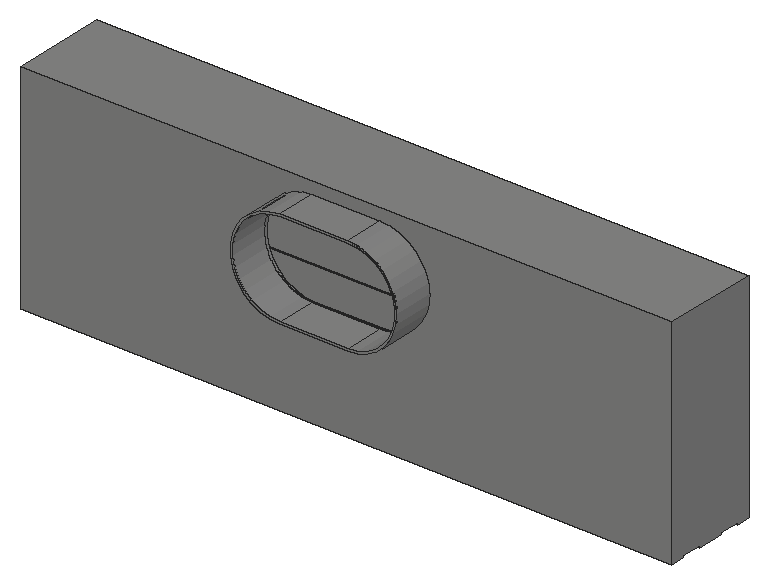
Revit family "Diffuser-Carnes-DARD-w-Center _T-2_Slot", category Duct Accessories, host Face, Revit 2012
Parameters (values of type "See Type Catalog")
  Supply Connector = yes
  Supply Connection = "Diffuser Supply Connector"  # constant formula
  Subcatagory = "Air Distribution"  # constant formula
  Specification Sheet = "http://www.carnes.com/AirDistribution/pdf/18643.pdf"
  Product Page URL = "http://www.carnes.com/AirDistribution/dard.phtml"
  Inlet Nominal Size Width = 6"
  Inlet Nominal Size Height D = if(Inlet Nominal Size Width > 6", 5 1/4", 3 1/2")  # 3 1/2"
  Half Inlet Width = 3"
  Optional Insulation [instance] = no
  Length = 24"
  Flow = 0 CFM
  Description = "Plenum Slot Diffusers"  # constant formula
  Depth = (Slot Opening A * 2) + 2"  # 3 1/2"
  Height C = 8"
  URL = "http://www.carnes.com/"
  Model = "DARD"  # constant formula
  Unit = Metal - Carnes - Steel Galvanized
  Manufacturer = "CARNES COMPANY"  # constant formula
  Default Elevation = 0"
  Catalog = "http://www.carnes.com/AirDistribution/pdf/a173-205.pdf"
  Assembly Code = ""
  Slot Opening A = 3/4"
  95 CSI = ""
  04 CSI = ""
Reference planes (in)
  plane 1 "Center (Front/Back)": y = 0
  plane 2: z = 0
  plane 3 "Center (Left/Right)": x = 0.94
  plane 4: x = -11.06
  plane 5: x = 12.94
  plane 6: z = 8
  plane 7: z = 7.5
  plane 8: z = 4
  plane 9: x = -10.81
  plane 10: x = 12.69
Dimensions and locks (in)
  equal spacing: plane 4, plane 3 "Center (Left/Right)", plane 5
  "Length": plane 4 to plane 5
  "Height C": plane 6 to plane 2
  locked: plane 6 to plane 7 at 0.5
  plane 7 to plane 8 = 3 1/2"
  locked: plane 9 to plane 4 at 0.25
  locked: plane 10 to plane 5 at 0.25
  aligned and locked: plane 2 to host face
  aligned and locked: level to host face
  aligned and locked: plane 3 "Center (Left/Right)" to nested 1
  aligned and locked: plane 1 "Center (Front/Back)" to nested 1
Automatic sketch dimensions
  host sketch curve to host sketch curve = 96"  (x2)
Nested families (in)
  nested 1: "Plenum_Slot-Diffuser" at (0, 0, 0), type "Parametric"
Connectors (in)
  hvac at (0.94, -3.25, 5.75), driven by "Inlet Nominal Size Height D", driven by "Inlet Nominal Size Width", driven by "Flow", driven by "Supply Connector", driven by "Supply Connection"
    settings: on nested 1, index 1, duct flow 0 CFM, flow factor 0, pres drop 0.00 in-wg, loss coef 0, conn angle 0.00°, conn width 6", conn height 3 1/2", conn radius 12", duct sys type 1, conn prof type 2, flow config 0, flow direction 1, loss method 0, conn ref index -1, conn util yes, is conn primary yes, conn desc "Diffuser Supply Connector"
Definition of nested family "Plenum_Slot-Diffuser"
  Parameters (values of type "See Type Catalog")
    Half Inlet Width = Inlet Nominal Size Width / 2  # 3"
    Length = 24"
    Depth = (Slot Opening A * 2) + 2"  # 3 1/2"
    Height C = 8"
    URL = ""
    Model = "DARD"  # constant formula
    Unit = Metal - Carnes - Steel Galvanized
    Manufacturer = ""
    Default Elevation = 0"
    Inlet Nominal Size Height D = if(Inlet Nominal Size Width > 6", 5 1/4", 3 1/2")  # 3 1/2"
    Inlet Nominal Size Width = 6"
    Assembly Code = ""
    Slot Opening A = 3/4"
    95 CSI = ""
    04 CSI = ""
  Reference planes (in)
    plane 1 "Center (Front/Back)": y = 0
    plane 2: z = 0
    plane 3 "Center (Left/Right)": x = 0.94
    plane 4: x = -11.06
    plane 5: x = 12.94
    plane 6: z = 8
    plane 7: z = 7.5
    plane 8: z = 4
    plane 9: x = -10.81
    plane 10: x = 12.69
    plane 11: z = -18
  Forms (in)
    Extrusion 1, solid
      sketch origin (0, 0, 0) x (1, 0, 0) y (0, 1, 0)
        loop
          line (-48, 48) -> (-48, -48) -> (48, -48) -> (48, 48) -> (-48, 48)
      from 0 to -1
    Sweep 2, solid, material "Metal - Carnes - Steel Galvanized" <- "Unit"
      path origin (0, 0, 0) x (1, 0, 0) y (0, 1, 0)
        loop
          line (-11.06, 0) -> (12.94, 0)
      profile origin (0.94, 0, 0) x (0, 1, 0) y (0, 0, 1)
        loop
          line (1.75, 8) -> (-1.75, 8) -> (-1.75, 0) -> (-1.25, 0) -> (-1.25, 0.0625) -> (-1.6875, 0.0625) -> (-1.6875, 7.9375) -> (1.6875, 7.9375) -> (1.6875, 0.0625) -> (1.25, 0.0625) -> (1.25, 0) -> (1.75, 0) -> (1.75, 8)
        loop
          line (0.03125, 4) -> (-0.03125, 4) -> (-0.03125, 0.0625) -> (-0.5, 0.0625) -> (-0.5, 0) -> (0.5, 0) -> (0.5, 0.0625) -> (0.03125, 0.0625) -> (0.03125, 4)
    Extrusion 3, solid, material "Metal - Carnes - Steel Galvanized" <- "Unit"
      sketch origin (-11.06, -1.75, 0) x (1, 0, 0) y (0, 0, 1)
        loop
          arc (10.75, 7.5) -> (9, 5.75) -> (10.75, 4) r 1.75
          line (10.75, 4) -> (13.25, 4)
          arc (13.25, 4) -> (15, 5.75) -> (13.25, 7.5) r 1.75
          line (13.25, 7.5) -> (10.75, 7.5)
        loop
          arc (10.75, 7.5625) -> (8.9375, 5.75) -> (10.75, 3.9375) r 1.8125
          line (10.75, 3.9375) -> (13.25, 3.9375)
          arc (13.25, 3.9375) -> (15.0625, 5.75) -> (13.25, 7.5625) r 1.8125
          line (13.25, 7.5625) -> (10.75, 7.5625)
      from 0 to 1.5
    Extrusion 4, solid, material "Metal - Carnes - Steel Galvanized" <- "Unit"
      sketch origin (12.69, 0, 0) x (0, 0, 1) y (0, -1, 0)
        loop
          line (7.9375, -1.6875) -> (7.9375, 1.6875) -> (0.0625, 1.6875) -> (0.0625, -1.6875) -> (7.9375, -1.6875)
      from 0 to 0.25
    Extrusion 5, solid, material "Metal - Carnes - Steel Galvanized" <- "Unit"
      sketch origin (-10.81, 0, 0) x (0, -1, 0) y (0, 0, 1)
        loop
          line (-1.6875, 0.0625) -> (1.6875, 0.0625) -> (1.6875, 7.9375) -> (-1.6875, 7.9375) -> (-1.6875, 0.0625)
      from 0 to 0.25
    Extrusion 6, void
      sketch origin (0, 0, 0) x (1, 0, 0) y (0, 0, 1)
        loop
          line (-0.31, 4) -> (2.19, 4)
          arc (2.19, 4) -> (3.94, 5.75) -> (2.19, 7.5) r 1.75
          line (2.19, 7.5) -> (-0.31, 7.5)
          arc (-0.31, 7.5) -> (-2.06, 5.75) -> (-0.31, 4) r 1.75
      from 1.4375 to 1.75
    Extrusion 7, void
      sketch origin (0, 0, 0) x (1, 0, 0) y (0, 1, 0)
        loop
          line (12.94, 1.75) -> (-11.06, 1.75) -> (-11.06, -1.75) -> (12.94, -1.75) -> (12.94, 1.75)
      from -18 to 0
  Cuts and joins
    Extrusion 6, Extrusion 7 cuts Sweep 2
    Extrusion 6, Extrusion 7 cuts Extrusion 4
    Extrusion 6, Extrusion 7 cuts Extrusion 5
    joined: Sweep 2, Extrusion 4, Extrusion 5
    Extrusion 6, Extrusion 7 cuts Extrusion 3
  Lines and regions (in)
    symbolic lines, style "Diffuser"
      curve 1: line (12.94, 1.75, 0) -> (-11.06, 1.75, 0)
      curve 2: line (-11.06, -1.75, 0) -> (-11.06, 1.75, 0)
      curve 3: line (-11.06, -1.75, 0) -> (12.94, -1.75, 0)
      curve 4: line (12.94, -1.75, 0) -> (12.94, 1.75, 0)
      curve 5: line (-2.1225, -3.25, 0) -> (4.0025, -3.25, 0)
      curve 6: line (-2.1225, -3.25, 0) -> (-2.1225, -1.75, 0)
      curve 7: line (4.0025, -3.25, 0) -> (4.0025, -1.75, 0)
  Dimensions and locks (in)
    equal spacing: plane 4, plane 3 "Center (Left/Right)", plane 5
    "Length": plane 4 to plane 5
    "Height C": plane 6 to plane 2
    locked: plane 6 to Sweep 2 sketch curve at 0.0625
    locked: Sweep 2 sketch curve to Sweep 2 sketch curve at 0.0625  (x2)
    locked: Sweep 2 sketch curve to plane 2 at 0.0625  (x2)
    locked: Sweep 2 sketch curve to Sweep 2 sketch curve at 0.5  (x2)
    equal spacing: Sweep 2 sketch curve, plane 1 "Center (Front/Back)", Sweep 2 sketch curve  (x2)
    locked: plane 6 to plane 7 at 0.5
    "Inlet Nominal Size Height D": plane 7 to plane 8
    Sweep 2 sketch curve to plane 1 "Center (Front/Back)" to Sweep 2 sketch curve = 1/32" locked, 1/32" locked
    locked: Sweep 2 sketch curve to Sweep 2 sketch curve at 1
    "Slot Opening A": Sweep 2 sketch curve to Sweep 2 sketch curve
    Sweep 2 sketch curve to Sweep 2 sketch curve = 3/4"
    equal spacing: cut or joined group of Sweep 2, Extrusion 4, Extrusion 5, Extrusion 6, Extrusion 7, plane 1 "Center (Front/Back)", cut or joined group of Sweep 2, Extrusion 4, Extrusion 5, Extrusion 6, Extrusion 7
    cut or joined group of Sweep 2, Extrusion 4, Extrusion 5, Extrusion 6, Extrusion 7 to cut or joined group of Sweep 2, Extrusion 4, Extrusion 5, Extrusion 6, Extrusion 7 = 3 1/2"
    cut or joined group of Sweep 2, Extrusion 4, Extrusion 5, Extrusion 6, Extrusion 7 to cut or joined group of Sweep 2, Extrusion 4, Extrusion 5, Extrusion 6, Extrusion 7 = 1/2"  (x2)
    cut or joined group of Sweep 2, Extrusion 4, Extrusion 5, Extrusion 6, Extrusion 7 to cut or joined group of Sweep 2, Extrusion 4, Extrusion 5, Extrusion 6, Extrusion 7 = 3/4"  (x2)
    cut or joined group of Sweep 2, Extrusion 4, Extrusion 5, Extrusion 6, Extrusion 7 to cut or joined group of Sweep 2, Extrusion 4, Extrusion 5, Extrusion 6, Extrusion 7 = 1"
    "Half Inlet Width": Extrusion 3 sketch curve to plane 3 "Center (Left/Right)"
    "Half Inlet Width": plane 3 "Center (Left/Right)" to Extrusion 3 sketch curve
    locked: plane 9 to plane 4 at 0.25
    locked: plane 10 to plane 5 at 0.25
    "Half Inlet Width": plane 3 "Center (Left/Right)" to Extrusion 6 sketch curve
    "Half Inlet Width": Extrusion 6 sketch curve to plane 3 "Center (Left/Right)"
    locked: plane 2 to plane 11 at 18
    aligned and locked: plane 2 to Extrusion 1
    aligned and locked: level to Extrusion 1
    aligned and locked: plane 5 to Sweep 2 sketch curve
    aligned and locked: plane 4 to Sweep 2 sketch curve
    aligned and locked: plane 1 "Center (Front/Back)" to Sweep 2 sketch curve
    aligned and locked: plane 6 to Sweep 2 sketch curve
    aligned and locked: plane 2 to Sweep 2 sketch curve  (x2)
    aligned and locked: plane 8 to Sweep 2 sketch curve
    aligned and locked: Extrusion 3 sketch curve to plane 7
    aligned and locked: plane 8 to Extrusion 3 sketch curve
    aligned and locked: Extrusion 4 sketch curve to cut or joined group of Sweep 2, Extrusion 4, Extrusion 5, Extrusion 6, Extrusion 7  (x3)
    aligned and locked: plane 10 to Extrusion 4
    aligned and locked: Extrusion 4 to plane 5
    aligned and locked: Extrusion 5 sketch curve to cut or joined group of Sweep 2, Extrusion 4, Extrusion 5, Extrusion 6, Extrusion 7  (x3)
    aligned and locked: plane 9 to Extrusion 5
    aligned and locked: Extrusion 5 to plane 4
    aligned and locked: Sweep 2 to Extrusion 6
    aligned and locked: plane 5 to Extrusion 7 sketch curve
    aligned and locked: Extrusion 7 sketch curve to cut or joined group of Sweep 2, Extrusion 4, Extrusion 5, Extrusion 6, Extrusion 7  (x2)
    aligned and locked: Extrusion 7 sketch curve to plane 4
    aligned and locked: plane 11 to Extrusion 7
    aligned and locked: plane 2 to Extrusion 7
    aligned and locked: curve 1 to cut or joined group of Sweep 2, Extrusion 4, Extrusion 5, Extrusion 6, Extrusion 7
    aligned and locked: curve 2 to cut or joined group of Sweep 2, Extrusion 4, Extrusion 5, Extrusion 6, Extrusion 7
    aligned and locked: curve 3 to cut or joined group of Sweep 2, Extrusion 4, Extrusion 5, Extrusion 6, Extrusion 7
    aligned and locked: curve 4 to cut or joined group of Sweep 2, Extrusion 4, Extrusion 5, Extrusion 6, Extrusion 7
    aligned and locked: curve 5 to cut or joined group of Extrusion 3, Extrusion 6, Extrusion 7
  Automatic sketch dimensions
    Extrusion 1 sketch curve to Extrusion 1 sketch curve = 96"  (x2)
    Sweep 2 sketch curve to level = 0"
    Sweep 2 sketch curve to Sweep 2 sketch curve = 0"
    level to Sweep 2 sketch curve = 1/16"
    Extrusion 3 sketch curve to Extrusion 3 sketch curve = 0"  (x3)
    Extrusion 3 sketch curve to Extrusion 3 sketch curve = 1/16"
    Extrusion 6 sketch curve to plane 8 = 0"
    Extrusion 6 sketch curve to plane 7 = 0"
    curve 5 to plane 3 "Center (Left/Right)" = 3 1/16"
    plane 3 "Center (Left/Right)" to curve 7 = 3 1/16"
    curve 6 to curve 6 = 1 1/2"
    Extrusion 4 sketch curve to plane 6 = 1/16"
    Extrusion 5 sketch curve to plane 6 = 1/16"
Types in the file's own list only (24): name | Inlet Nominal Size Height D | Length | Depth | Height C | Slot Opening A
  DARD 24 x 8 x3/4 | 4" | 24" | 3 1/2" | 8" | 3/4"
  DARD 24 x 11 x3/4 | 4" | 24" | 3 1/2" | 11" | 3/4"
  DARD 24 x 8 x1 | 4" | 24" | 4" | 8" | 1"
  DARD 24 x 11 x1 | 4" | 24" | 4" | 11" | 1"
  DARD 24 x 8 x1.5 | 4" | 24" | 5" | 8" | 1 1/2"
  DARD 24 x 11 x1.5 | 4" | 24" | 5" | 11" | 1 1/2"
  DARD 30 x 8 x3/4 | 4" | 30" | 3 1/2" | 8" | 3/4"
  DARD 30 x 11 x3/4 | 4" | 30" | 3 1/2" | 11" | 3/4"
  DARD 30 x 8 x1 | 4" | 30" | 4" | 8" | 1"
  DARD 30 x 11 x1 | 4" | 30" | 4" | 11" | 1"
  DARD 30 x 8 x1.5 | 4" | 30" | 5" | 8" | 1 1/2"
  DARD 30 x 11 x1.5 | 4" | 30" | 5" | 11" | 1 1/2"
  DARD 48 x 8 x3/4 | 4" | 48" | 3 1/2" | 8" | 3/4"
  DARD 48 x 11 x3/4 | 4" | 48" | 3 1/2" | 11" | 3/4"
  DARD 48 x 8 x1 | 4" | 48" | 4" | 8" | 1"
  DARD 48 x 11 x1 | 4" | 48" | 4" | 11" | 1"
  DARD 48 x 8 x1.5 | 4" | 48" | 5" | 8" | 1 1/2"
  DARD 48 x 11 x1.5 | 4" | 48" | 5" | 11" | 1 1/2"
  DARD 60 x 8 x3/4 | 4" | 60" | 3 1/2" | 8" | 3/4"
  DARD 60 x 11 x3/4 | 4" | 60" | 3 1/2" | 11" | 3/4"
  DARD 60 x 8 x1 | 4" | 60" | 4" | 8" | 1"
  DARD 60 x 11 x1 | 4" | 60" | 4" | 11" | 1"
  DARD 60 x 8 x1.5 | 4" | 60" | 5" | 8" | 1 1/2"
  DARD 60 x 11 x1.5 | 4" | 60" | 5" | 11" | 1 1/2"
